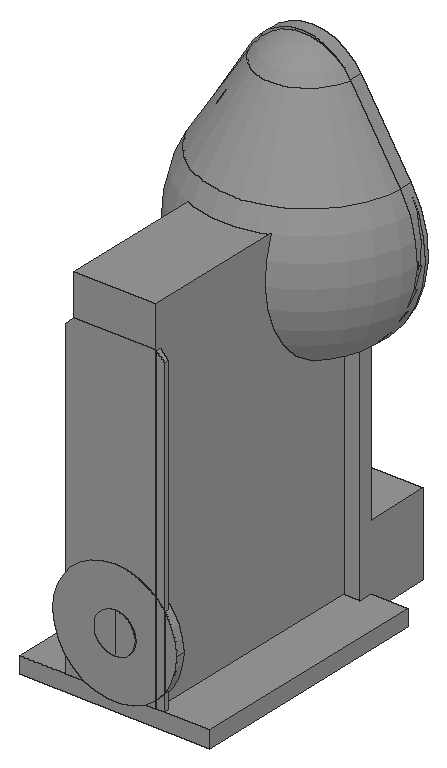
Revit family "Toilet-Willoughby-ETF-1490-FM-BS-HET", category Plumbing Fixtures, Revit 2015
Parameters (values of type "Standard")
  Waste DIA = 2 1/2"
  Waste Connection = yes
  W-RAD [instance] = Waste DIA / 2  # 0' - 1 1/4"
  Vent Connection = no
  URL = "https://www.willoughby-ind.com/wp-content/uploads/2017/12/ETF-1490-FM.pdf"
  Type Comments = ""
  Revision = "A"
  Model = "ETF-1490-FM-BS-1.28"
  Manufacturer = "Willoughby Industries"
  HW Connection = no
  Flush inlet DIA = 1 1/2"
  Flush Inlet Connection = yes
  Fixture Body = Stainless Steel AISI 304-Willoughby
  F-RAD [instance] = Flush inlet DIA / 2  # 0' - 0 3/4"
  Description = "Floor Outlet, Floor Mounted, Siphon Jet Toilet, Back Spud, 1.28 GPM"
  Default Elevation = 0' - 0"
  Contact Number = "(800) 428-4065"
  CW Connection = no
Reference planes (in)
  plane 1 "Base": y = -16.25
  plane 2: z = 0
  plane 3 "Center": x = 18.31072
  plane 4 "Waste height": y = -4.75
  plane 5: y = -1.25
  plane 6: z = -6.75
  plane 7: y = -2.125
  plane 8: y = -14.0625
  plane 9: y = 0.5
  plane 10: x = 16.56072
  plane 11: x = 20.06072
  plane 12: x = 11.56072
  plane 13: x = 25.06072
  plane 14: z = 23
  plane 15: z = 30.75
  plane 16: x = 15.81072
  plane 17: x = 20.81072
  plane 18: x = 15.81072
  plane 19: x = 20.81072
  plane 20: z = 4.25
  plane 21: x = 12.56072
  plane 22: x = 24.06072
  plane 23: y = 2.75
Forms (in)
  Extrusion 1, solid, material "Stainless Steel AISI 304-Willoughby" <- "Fixture Body"
    sketch origin (16.08109, 7.47968, -2.20225) x (-1, 0, 0) y (0, 0, -1)
      loop
        line (1.29775, -16.80087) -> (1.29775, -3.20225) -> (-5.72963, -3.20225) -> (-5.72963, -16.81676)
        arc (-5.72963, -16.81676) -> (-8.98136, -21.11843) -> (-8.21015, -26.45542) r 7
        line (-8.21015, -26.45542) -> (-5.16818, -31.31054)
        arc (-5.16818, -31.31054) -> (-2.20225, -32.95225) -> (0.76368, -31.31054) r 3.5
        line (0.76368, -31.31054) -> (3.80565, -26.45542)
        arc (3.80565, -26.45542) -> (4.5729, -21.10311) -> (1.29775, -16.80087) r 7
      loop
        arc (2.03989, -24.70557) -> (-2.20225, -18.23804) -> (-6.44438, -24.70557) r 4.625
        line (-6.44438, -24.70557) -> (-4.04125, -30.23842)
        arc (-4.04125, -30.23842) -> (-2.20225, -31.45225) -> (-0.36324, -30.23842) r 2
        line (-0.36324, -30.23842) -> (2.03989, -24.70557)
    from 8.72968 to 9.5
  Revolve 2, solid, material "Stainless Steel AISI 304-Willoughby" <- "Fixture Body"
    sketch origin (19.37246, -1.52032, 1.00169) x (-1, 0, 0) y (0, 0, -1)
      loop
        line (1.06174, -12.59906) -> (1.06174, -12.84906)
        arc (1.06174, -12.84906) -> (6.91177, -17.54136) -> (5.58904, -24.92315) r 7.34171
        line (5.58904, -24.92315) -> (3.81535, -27.91457)
        arc (3.81535, -27.91457) -> (2.63527, -29.03194) -> (1.06174, -29.43826) r 3.25
        line (1.06174, -29.43826) -> (1.06174, -29.68826)
        arc (1.06174, -29.68826) -> (2.75672, -29.25045) -> (4.02767, -28.04656) r 3.5
        line (4.02767, -28.04656) -> (7.06964, -23.19143)
        arc (7.06964, -23.19143) -> (7.15052, -16.14555) -> (1.06174, -12.59906) r 7
      axis (1.06174, -12.59906) -> (1.06174, -29.68826)
    angle from 0 to -180
  Extrusion 3, solid, material "Stainless Steel AISI 304-Willoughby" <- "Fixture Body"
    sketch origin (19.53334, -3.02032, -4.9508) x (0, 1, 0) y (0, 0, 1)
      loop
        line (-4.42257, 4.9508) -> (1.02643, 4.9508) -> (1.02643, 18.97156)
        arc (1.02643, 18.97156) -> (-2.31062, 20.32275) -> (-4.42257, 23.23845) r 6.52287
        line (-4.42257, 23.23845) -> (-4.42257, 4.9508)
    from 1.27686 to -3.72262
  Extrusion 4, solid, material "Stainless Steel AISI 304-Willoughby" <- "Fixture Body"
    sketch origin (18.31072, 0, -1) x (0, 1, 0) y (0, 0, 1)
      loop
        line (-1.25, 1) -> (2.75, 1) -> (2.75, 6) -> (-1.25, 6) -> (-1.25, 1)
    from -3.52738 to 3.5
  Extrusion 5, solid, material "Stainless Steel AISI 304-Willoughby" <- "Fixture Body"
    sketch origin (0, 0, 0) x (1, 0, 0) y (0, 1, 0)
      loop
        circle (18.31072, 0.5) r 0.75
    from 0 to 1
  Extrusion 6, solid, material "Stainless Steel AISI 304-Willoughby" <- "Fixture Body"
    sketch origin (0, -16.25, 0) x (1, 0, 0) y (0, 0, 1)
      loop
        line (24.06072, 0) -> (24.06072, 1) -> (12.56072, 1) -> (12.56072, 0) -> (24.06072, 0)
    from -15 to 0
  Extrusion 7, solid, material "Stainless Steel AISI 304-Willoughby" <- "Fixture Body"
    sketch origin (0, -16.25, 0) x (1, 0, 0) y (0, 0, 1)
      loop
        line (20.81072, 0) -> (20.81072, 23) -> (15.81072, 23) -> (15.81072, 0) -> (20.81072, 0)
    from 0 to -8.80711
  Revolve 8, solid, material "Stainless Steel AISI 304-Willoughby" <- "Fixture Body"
    sketch origin (18.31072, 0, 0) x (0, 1, 0) y (0, 0, 1)
      loop
        line (-16.25152, 4.25) -> (-14.08343, 4.25) -> (-14.08343, 5.5) -> (-16.25152, 5.5) -> (-16.25152, 4.25)
      axis (-14.08343, 4.25) -> (-16.25152, 4.25)
    angle from 0 to 360
  Extrusion 9, solid, material "Stainless Steel AISI 304-Willoughby" <- "Fixture Body"
    sketch origin (0, -16.25, 0) x (1, 0, 0) y (0, 0, 1)
      loop
        circle (18.31072, 4.25) r 3.75
    from 0 to -0.5
  Extrusion 10, solid, material "Stainless Steel AISI 304-Willoughby" <- "Fixture Body"
    sketch origin (0, -16.25, 0) x (1, 0, 0) y (0, 0, 1)
      loop
        line (20.81072, 1) -> (21.31072, 1) -> (21.31072, 20) -> (20.81072, 20.5) -> (15.81072, 20.5) -> (15.31072, 20) -> (15.31072, 1) -> (15.81072, 1) -> (20.81072, 1)
    from 0 to -0.25
Cuts and joins
  joined: Extrusion 1, Extrusion 3, Extrusion 4, Extrusion 6, Extrusion 7
Lines and regions (in)
  symbolic lines
    curve 1: line (12.56072, -16.25, 0) -> (12.56072, -1.25, 0)
    curve 2: line (12.56072, -1.25, 0) -> (24.06072, -1.25, 0)
    curve 3: line (24.06072, -1.25, 0) -> (24.06072, -16.25, 0)
    curve 4: line (24.06072, -16.25, 0) -> (12.56072, -16.25, 0)
    curve 5: line (14.78334, -1.25, 0) -> (14.78334, 2.75, 0)
    curve 6: line (14.78334, 2.75, 0) -> (21.81072, 2.75, 0)
    curve 7: line (21.81072, 2.75, 0) -> (21.81072, -1.25, 0)
    curve 8: line (11.28334, -2.02032, 0) -> (11.28334, -1.25, 0)
    curve 9: line (11.28334, -1.25, 0) -> (25.28334, -1.25, 0)
    curve 10: line (25.28334, -1.25, 0) -> (25.28334, -2.02032, 0)
    curve 11: arc (25.28334, -2.02032, 0) -> (23.08111, -6.64837, 0) -> (18.31072, -8.52239, 0) r 6.97585
    curve 12: arc (18.31072, -8.52239, 0) -> (13.52719, -6.64379, 0) -> (11.28334, -2.02032, 0) r 7.0627
    curve 13: line (15.81072, -8.06019, 0) -> (15.81072, -16.25, 0)
    curve 14: line (20.81072, -8.06397, 0) -> (20.81072, -16.25, 0)
    curve 23: arc (21.81072, -16.25, 14.61451) -> (25.06245, -16.25, 18.91618) -> (24.29124, -16.25, 24.25317) r 7
    curve 24: line (24.29124, -16.25, 24.25317) -> (21.24927, -16.25, 29.1083)
    curve 25: arc (21.24927, -16.25, 29.1083) -> (18.28334, -16.25, 30.75) -> (15.31741, -16.25, 29.1083) r 3.5
    curve 26: line (15.31741, -16.25, 29.1083) -> (12.35249, -16.25, 24.379)
    curve 27: arc (12.35249, -16.25, 24.379) -> (11.49002, -16.25, 18.97236) -> (14.78334, -16.25, 14.59862) r 7
    curve 28: line (12.56072, -16.25, 0) -> (24.06072, -16.25, 0)
    curve 29: line (24.06072, -16.25, 0) -> (24.06072, -16.25, 1)
    curve 30: line (24.06072, -16.25, 1) -> (21.81072, -16.25, 1)
    curve 31: line (14.78334, -16.25, 1) -> (12.56072, -16.25, 1)
    curve 32: line (12.56072, -16.25, 1) -> (12.56072, -16.25, 0)
    curve 39: line (18.31072, -16.25, 0) -> (18.31072, 2.75, 0)
    curve 40: line (18.31072, 2.75, 0) -> (18.31072, 2.75, 5)
    curve 41: line (18.31072, 2.75, 5) -> (18.31072, -1.25, 5)
    curve 42: line (18.31072, -1.25, 5) -> (18.31072, -1.25, 30.75)
    curve 43: line (18.31072, -1.25, 30.75) -> (18.31072, -2.02032, 30.75)
    curve 44: arc (18.31072, -2.02032, 30.75) -> (18.31072, -3.30775, 30.20786) -> (18.31072, -4.32667, 29.25224) r 3.95799
    curve 45: line (18.31072, -4.32667, 29.25224) -> (18.31072, -7.52822, 24.19312)
    curve 46: arc (18.31072, -7.52822, 24.19312) -> (18.31072, -7.8446, 23.61437) -> (18.31072, -8.08458, 23) r 5.16145
    curve 47: line (18.31072, -7.5944, 23) -> (18.31072, -16.25, 23)
    curve 48: line (18.31072, -16.25, 23) -> (18.31072, -16.25, 0)
    curve 49: line (18.31072, -16.25, 1) -> (18.31072, -2.02032, 1)
    curve 50: line (18.31072, -2.02032, 0) -> (18.31072, -2.02032, 14.0236)
    curve 51: arc (18.31072, -2.02032, 14.0236) -> (18.31072, -4.33607, 14.70091) -> (18.31072, -6.27296, 16.13962) r 6.84521
    curve 52: arc (18.31072, -6.27296, 16.13962) -> (18.31072, -7.60685, 18.26418) -> (18.31072, -8.03719, 20.73557) r 6.50212
    curve 53: arc (18.31072, -8.03719, 20.73557) -> (18.31072, -7.91305, 21.88681) -> (18.31072, -7.5944, 23) r 6.76463
    curve 54: line (14.78334, -16.25, 14.59862) -> (14.78334, -16.25, 1)
    curve 55: line (21.81072, -16.25, 14.61451) -> (21.81072, -16.25, 1)
    curve 56: line (21.81072, -16.25, 5) -> (14.78334, -16.25, 5)
  symbolic lines, detail levels fine
    curve 15: line (14.56072, -16.25, 0) -> (14.56072, -15.75, 0)
    curve 16: line (14.56072, -15.75, 0) -> (15.81072, -15.75, 0)
    curve 17: line (20.81072, -15.75, 0) -> (22.06072, -15.75, 0)
    curve 18: line (22.06072, -15.75, 0) -> (22.06072, -16.25, 0)
    curve 19: line (21.31072, -16.25, 0) -> (21.31072, -16, 0)
    curve 20: line (21.31072, -16, 0) -> (20.81072, -16, 0)
    curve 21: line (15.31072, -16.25, 0) -> (15.31072, -16, 0)
    curve 22: line (15.31072, -16, 0) -> (15.81072, -16, 0)
  symbolic lines, detail levels medium+fine
    curve 33: arc (14.78334, -16.25, 5.52282) -> (14.56072, -16.25, 4.25) -> (14.78334, -16.25, 2.97718) r 3.75
    curve 34: arc (21.81072, -16.25, 2.90371) -> (22.06072, -16.25, 4.25) -> (21.81072, -16.25, 5.59629) r 3.75
    curve 35: line (22.52547, -16.25, 22.50332) -> (20.12234, -16.25, 28.03617)
    curve 36: arc (20.12234, -16.25, 28.03617) -> (18.28334, -16.25, 29.2424) -> (16.44433, -16.25, 28.03617) r 2.00498
    curve 37: line (16.44433, -16.25, 28.03617) -> (14.0412, -16.25, 22.50332)
    curve 38: arc (14.0412, -16.25, 22.50332) -> (18.28334, -16.25, 16.0358) -> (22.52547, -16.25, 22.50332) r 4.625
Dimensions and locks (in)
  plane 1 "Base" to plane 4 "Waste height" = 0' - 11 1/2"
  plane 1 "Base" to plane 5 = 1' - 3"
  locked: plane 1 "Base" to plane 9 at 16.75
  level to plane 15 = 2' - 6 3/4"
  plane 21 to plane 22 = 0' - 11 1/2"  (x2)
  plane 13 to plane 22 = 0' - 1"
  plane 18 to plane 19 = 0' - 5"
  "F-RAD": radius of Extrusion 5 sketch curve
  aligned and locked: plane 9 to Extrusion 5 sketch curve
  aligned and locked: plane 3 "Center" to Extrusion 5 sketch curve
  aligned and locked: Revolve 8 sketch curve to Revolve 8 sketch curve  (x2)
  aligned and locked: Extrusion 5 to level
Automatic sketch dimensions
  Extrusion 1 sketch curve to Extrusion 1 sketch curve = 0' - 0"  (x8)
  level to Extrusion 1 sketch curve = 0' - 1"
  plane 3 "Center" to Extrusion 1 sketch curve = 0' - 5.98052"
  Extrusion 1 sketch curve to Extrusion 1 sketch curve = 0' - 1.76576"  (x2)
  plane 3 "Center" to Extrusion 1 sketch curve = 0' - 3 1/2"
  plane 3 "Center" to Extrusion 1 sketch curve = 0' - 2.93855"
  Extrusion 1 sketch curve to Extrusion 1 sketch curve = 0' - 1.12693"  (x2)
  Extrusion 1 sketch curve to plane 3 "Center" = 0' - 0.02738"  (x2)
  Extrusion 1 sketch curve to plane 3 "Center" = 0' - 1.86639"
  Extrusion 1 sketch curve to plane 3 "Center" = 0' - 3.52738"
  Extrusion 1 sketch curve to plane 3 "Center" = 0' - 4 69/256"
  Extrusion 1 sketch curve to Extrusion 1 sketch curve = 1' - 1.59862"
  Extrusion 1 sketch curve to Extrusion 1 sketch curve = 0' - 0.01589"
  Extrusion 1 sketch curve to Extrusion 1 sketch curve = 0' - 6.06218"
  Extrusion 1 sketch curve to Extrusion 1 sketch curve = 0' - 1.74985"
  Extrusion 1 sketch curve to Extrusion 1 sketch curve = 0' - 4.74668"
  Extrusion 1 sketch curve to Extrusion 1 sketch curve = 0' - 0.78617"
  Extrusion 1 sketch curve to Extrusion 1 sketch curve = 0' - 1.07212"
  Extrusion 4 sketch curve to level = 0' - 0"
  Extrusion 4 sketch curve to plane 5 = 0' - 0"
  Extrusion 4 sketch curve to plane 9 = 0' - 2 1/4"
  level to Extrusion 4 sketch curve = 0' - 5"
  Extrusion 6 sketch curve to level = 0' - 0"
  level to Extrusion 6 sketch curve = 0' - 1"
  plane 12 to Extrusion 6 sketch curve = 0' - 1"
  Extrusion 6 sketch curve to plane 13 = 0' - 1"
  Extrusion 7 sketch curve to level = 0' - 0"
  Extrusion 7 sketch curve to plane 10 = 0' - 0 3/4"
  plane 11 to Extrusion 7 sketch curve = 0' - 0 3/4"
  Extrusion 7 sketch curve to plane 14 = 0' - 0"
  Extrusion 3 sketch curve to level = 0' - 0"
  plane 4 "Waste height" to Extrusion 3 sketch curve = 0' - 2.69289"
  plane 7 to Extrusion 3 sketch curve = 0' - 0.13111"
  plane 5 to Extrusion 3 sketch curve = 0' - 0.05941"
  Extrusion 3 sketch curve to plane 14 = 0' - 2.49238"
  Extrusion 3 sketch curve to Extrusion 3 sketch curve = 0' - 6.48686"
  Revolve 2 sketch curve to plane 3 "Center" = 0' - 0"  (x3)
  plane 3 "Center" to Revolve 2 sketch curve = 0' - 0"
  Revolve 2 sketch curve to plane 11 = 0' - 0.72567"
  plane 18 to Revolve 2 sketch curve = 0' - 0.25361"
  Revolve 2 sketch curve to Revolve 2 sketch curve = 0' - 0.21232"
  plane 12 to Revolve 2 sketch curve = 0' - 0.7421"
  Revolve 2 sketch curve to plane 15 = 0' - 0.06005"
  Revolve 2 sketch curve to Revolve 2 sketch curve = 0' - 0 1/4"  (x2)
  Revolve 2 sketch curve to plane 15 = 0' - 1.70176"
  Revolve 2 sketch curve to Revolve 2 sketch curve = 0' - 0.13199"
  plane 14 to Revolve 2 sketch curve = 0' - 1.19312"
  Revolve 2 sketch curve to plane 14 = 0' - 1.87935"
  Revolve 2 sketch curve to Revolve 2 sketch curve = 0' - 0.51991"
  plane 18 to Revolve 2 sketch curve = 0' - 2.0273"
  plane 14 to Revolve 2 sketch curve = 0' - 0.93995"
  Revolve 2 sketch curve to Revolve 2 sketch curve = 0' - 2.4108"
  Extrusion 9 sketch curve to plane 3 "Center" = 0' - 0"
  Extrusion 9 sketch curve to plane 20 = 0' - 0"
  plane 18 to Extrusion 10 sketch curve = 0' - 0"  (x2)
  plane 19 to Extrusion 10 sketch curve = 0' - 0"  (x2)
  Extrusion 10 sketch curve to Extrusion 10 sketch curve = 0' - 0 1/2"  (x3)
  Extrusion 10 sketch curve to plane 19 = 0' - 0 1/2"
  level to Extrusion 10 sketch curve = 0' - 1"
  Extrusion 10 sketch curve to plane 14 = 0' - 3"
  Revolve 8 sketch curve to plane 20 = 0' - 0"
  plane 1 "Base" to Revolve 8 sketch curve = 0' - 0.00152"
  plane 8 to Revolve 8 sketch curve = 0' - 0.02093"
  plane 20 to Revolve 8 sketch curve = 0' - 1 1/4"
  Revolve 8 sketch curve to Revolve 8 sketch curve = 0' - 1.49848"
  plane 5 to curve 8 = 0' - 0"
  plane 5 to curve 2 = 0' - 0"
  curve 2 to plane 21 = 0' - 0"
  plane 1 "Base" to curve 15 = 0' - 0"
  curve 6 to plane 23 = 0' - 0"
  curve 22 to plane 18 = 0' - 0"
  curve 11 to plane 3 "Center" = 0' - 0"
  curve 12 to plane 3 "Center" = 0' - 0"
  curve 17 to plane 19 = 0' - 0"
  curve 4 to plane 22 = 0' - 0"
  curve 9 to plane 12 = 0' - 0.27738"
  curve 15 to plane 1 "Base" = 0' - 0 1/2"
  plane 18 to curve 15 = 0' - 1 1/4"
  plane 18 to curve 6 = 0' - 1.02738"
  plane 3 "Center" to curve 11 = 0' - 0.01288"
  plane 3 "Center" to curve 12 = 0' - 0.01304"
  curve 20 to curve 19 = 0' - 0 1/2"
  curve 6 to plane 19 = 0' - 1"
  curve 19 to curve 17 = 0' - 0 3/4"
  curve 2 to curve 10 = 0' - 1.22262"
  curve 20 to plane 1 "Base" = 0' - 0 1/4"
  curve 18 to curve 18 = 0' - 0 1/2"
  plane 7 to curve 8 = 0' - 0.10468"
  plane 7 to curve 10 = 0' - 0.10468"
  curve 21 to plane 1 "Base" = 0' - 0 1/4"
  plane 18 to curve 21 = 0' - 0 1/2"
  curve 49 to plane 1 "Base" = 0' - 0"
  curve 46 to plane 14 = 0' - 0"
  curve 43 to plane 15 = 0' - 0"
  curve 43 to plane 5 = 0' - 0"
  curve 41 to plane 23 = 0' - 0"
  curve 39 to level = 0' - 0"
  plane 4 "Waste height" to curve 47 = 0' - 2.8444"
  plane 14 to curve 45 = 0' - 1.19312"
  curve 53 to curve 45 = 0' - 0.06618"
  curve 45 to plane 4 "Waste height" = 0' - 0.42333"
  curve 46 to plane 7 = 0' - 1.04173"
  plane 7 to curve 43 = 0' - 0.10468"
  plane 5 to curve 52 = 0' - 0.2866"
  plane 5 to curve 51 = 0' - 0.03668"
  plane 5 to curve 53 = 0' - 0.02415"
  curve 44 to plane 5 = 0' - 0.09792"
  plane 20 to curve 42 = 0' - 0 3/4"
  curve 50 to plane 14 = 0' - 8.9764"
  curve 53 to plane 14 = 0' - 2.41138"
  curve 53 to curve 52 = 0' - 0.0057"
  curve 53 to curve 51 = 0' - 0.24076"
  curve 46 to plane 14 = 0' - 1.56695"
  curve 44 to curve 42 = 0' - 3.86159"
  curve 52 to curve 53 = 0' - 0"
  plane 7 to curve 49 = 0' - 0.10468"
  level to curve 49 = 0' - 1"
  curve 23 to curve 27 = 0' - 0"
  curve 23 to curve 38 = 0' - 0"  (x2)
  curve 27 to curve 38 = 0' - 0"
  curve 33 to curve 34 = 0' - 0"  (x2)
  plane 21 to curve 28 = 0' - 0"
  curve 34 to plane 3 "Center" = 0' - 0"
  plane 22 to curve 28 = 0' - 0"
  curve 32 to level = 0' - 0"
  curve 34 to plane 20 = 0' - 0"
  plane 21 to curve 26 = 0' - 0.20823"
  curve 37 to plane 14 = 0' - 0.49668"
  curve 37 to plane 21 = 0' - 1 123/256"
  plane 18 to curve 54 = 0' - 1.02738"
  plane 18 to curve 26 = 0' - 0.49331"
  curve 37 to plane 10 = 0' - 0.11639"
  curve 27 to plane 3 "Center" = 0' - 0.02738"
  curve 25 to plane 3 "Center" = 0' - 0.02738"
  curve 25 to curve 36 = 0' - 0"
  plane 11 to curve 35 = 0' - 0.06162"
  curve 24 to plane 19 = 0' - 0.43855"
  curve 55 to plane 19 = 0' - 1"
  curve 35 to plane 14 = 0' - 0.49668"
  curve 24 to plane 22 = 0' - 0.23052"
  level to curve 54 = 0' - 1"
  level to curve 55 = 0' - 1"
  curve 54 to curve 37 = 0' - 7.9047"
  curve 27 to curve 55 = 0' - 0.01589"
  curve 23 to plane 14 = 0' - 2.3392"
  curve 36 to plane 15 = 0' - 3.51258"
  curve 36 to curve 25 = 0' - 0.01258"
  curve 25 to curve 37 = 0' - 0.78617"
  curve 37 to curve 26 = 0' - 1.07212"
  curve 34 to plane 20 = 0' - 1.34629"
  curve 33 to plane 20 = 0' - 1.27282"
  curve 56 to curve 34 = 0' - 0.59629"
  radius of Extrusion 9 sketch curve = 0' - 3 3/4"
Connectors (in)
  piping at (18.31072, 0.5, 1), diameter 1.5, driven by "F-RAD", driven by "Flush Inlet Connection"
    settings: on Extrusion 5, index 2, connector inside diameter 1 1/2", connector length 0' - 0", flow factor 0, pipe flow 0 GPM, pressure drop 0.00 psi, fitting loss kfactor 0, connector angle 0.00°, fixture units 0, engagement length 0' - 0", angle of deflection 0.00°, flow configuration 0, flow direction 1, fitting loss method 0, system type 20, joint type 0, gender type 0, connector reference index -1, connector utility 1, adjustable connector no, is connector primary yes, connector description "Flush Inlet"
  piping at (18.31072, -16.25152, 4.25), diameter 2.5, driven by "W-RAD", driven by "Waste Connection"
    settings: on Revolve 8, index 4, connector inside diameter 24", connector length 0' - 0", flow factor 0, pipe flow 0 GPM, pressure drop 0.00 psi, fitting loss kfactor 0, connector angle 0.00°, fixture units 0, engagement length 0' - 0", angle of deflection 0.00°, flow configuration 0, flow direction 2, fitting loss method 0, system type 16, joint type 0, gender type 0, connector reference index -1, connector utility 1, adjustable connector no, is connector primary no, connector description "Toilet Waste"
